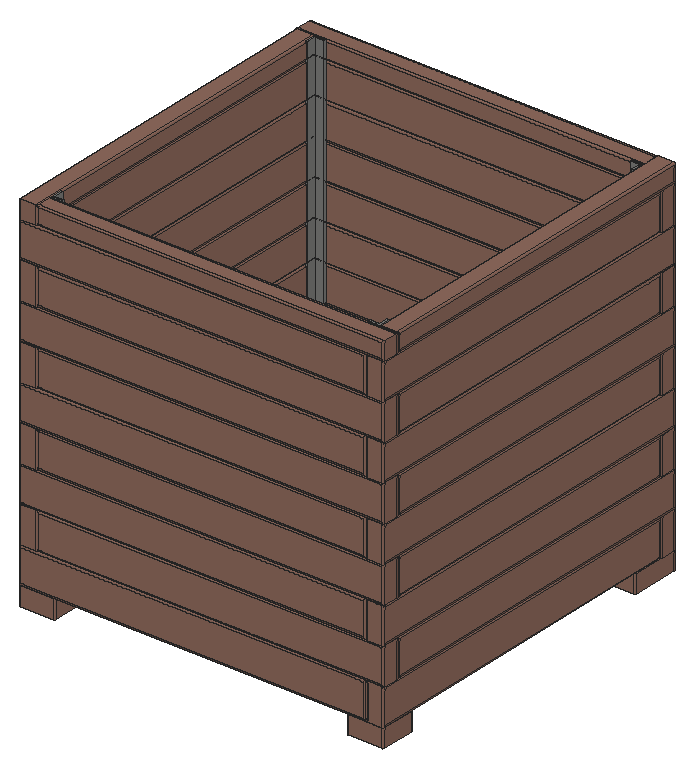
Revit family "Jardinera Madera", category Furniture, Revit 2020
Family settings
  OmniClass Number = 23.40.20.00
  OmniClass Title = General Furniture and Specialties
  Work Plane-Based = No
  Always vertical = Yes
  Cut with Voids When Loaded = No
  Shared = No
  Room Calculation Point = No
Parameters (values of type "Jardinera Madera-UM1640-6-1000mm")
  URL_Producto = "https://www.benito.com/es/mobiliario-urbano/jardineras/madera--UM1640-6.html"
  Type Comments = "n/a"
  Referencia = "UM1640-6"
  Material = Madera de pino
  Jardinera Madera-UM1640-6-1000mm = yes
  Jardinera Madera-UM1640-5-600mm = no
  Jardinera Madera-UM1640-4-1000mm = no
  Jardinera Madera-UM1640-2-1000mm = no
  Jardinera Madera-UM1640-1-1800mm = no
  H = 1.000 m
  Ficha_Tecnica = "https://www.benito.com/es/download/data-sheet-UM1640-6"
  Fabricante = "BENITO URBAN SL"
  Description = "Tablones de madera de pino con tratamiento autoclave a vacio-presión clase 4 contra la carcoma, termitas e insectos"
  Default Elevation = 0.000 m
  B = 1.000 m
  A = 1.000 m
Reference planes (m)
  plane 1 "Center (Front/Back)": y = 0
  plane 2: z = 0
  plane 3 "Center (Left/Right)": x = 0
Dimensions and locks (m)
  aligned and locked: level to plane 2
Nested families (m)
  nested 1: "Jardinera Madera-UM1640-1-1800mm" at (0, 0, 0), visible <- "Jardinera Madera-UM1640-1-1800mm", type "Jardinera Madera-UM1640-1-1800mm"
  nested 2: "Jardinera Madera-UM1640-2-1000mm" at (0, 0, 0), visible <- "Jardinera Madera-UM1640-2-1000mm", type "Jardinera Madera-UM1640-2-1000mm"
  nested 3: "Jardinera Madera-UM1640-4-1000mm" at (0, 0, 0), visible <- "Jardinera Madera-UM1640-4-1000mm", type "Jardinera Madera-UM1640-4-1000mm"
  nested 4: "Jardinera Madera-UM1640-5-600mm" at (0, 0, 0), visible <- "Jardinera Madera-UM1640-5-600mm", type "Jardinera Madera-UM1640-5-600mm"
  nested 5: "Jardinera Madera-UM1640-6-1000mm" at (0, 0, 0), visible <- "Jardinera Madera-UM1640-6-1000mm", type "Jardinera Madera-UM1640-6-1000mm"
Definition of nested family "Jardinera Madera-UM1640-1-1800mm"
  Parameters
    Default Elevation = 0.000 m
  Reference planes (m)
    plane 1 "Center (Front/Back)": y = 0
    plane 2: z = 0
    plane 3 "Center (Left/Right)": x = 0
    plane 4: z = 0.05
    plane 5: z = 0.15
    plane 6: z = 0.45007
    plane 7: x = -0.899929
    plane 8: x = 0.899929
    plane 9: y = 0.3
    plane 10: y = -0.3
  Forms (m)
    Extrusion 1, solid
      sketch origin (0, 0, 0) x (1, 0, 0) y (0, 0, 1)
        loop
          arc (-0.895, 0.15) -> (-0.898536, 0.148536) -> (-0.9, 0.145) r 0.005
          line (-0.9, 0.145) -> (-0.9, 0.055)
          arc (-0.9, 0.055) -> (-0.898536, 0.051464) -> (-0.895, 0.05) r 0.005
          line (-0.895, 0.05) -> (-0.855, 0.05)
          arc (-0.855, 0.05) -> (-0.851464, 0.051464) -> (-0.85, 0.055) r 0.005
          line (-0.85, 0.055) -> (-0.85, 0.145)
          arc (-0.85, 0.145) -> (-0.851464, 0.148536) -> (-0.855, 0.15) r 0.005
          line (-0.855, 0.15) -> (-0.895, 0.15)
      from -0.3 to 0.25
    Extrusion 2, solid
      sketch origin (-0.6, -0.6, 0) x (0, -1, 0) y (0, 0, 1)
        loop
          arc (-0.895, 0.15) -> (-0.898536, 0.148536) -> (-0.9, 0.145) r 0.005
          line (-0.9, 0.145) -> (-0.9, 0.055)
          arc (-0.9, 0.055) -> (-0.898536, 0.051464) -> (-0.895, 0.05) r 0.005
          line (-0.895, 0.05) -> (-0.855, 0.05)
          arc (-0.855, 0.05) -> (-0.851464, 0.051464) -> (-0.85, 0.055) r 0.005
          line (-0.85, 0.055) -> (-0.85, 0.145)
          arc (-0.85, 0.145) -> (-0.851464, 0.148536) -> (-0.855, 0.15) r 0.005
          line (-0.855, 0.15) -> (-0.895, 0.15)
      from -1.5 to 0.25
    Extrusion 3, void
      sketch origin (0, 0, 0) x (1, 0, 0) y (0, 1, 0)
        loop
          arc (-0.85, 0.295) -> (-0.848536, 0.298536) -> (-0.845, 0.3) r 0.005
          line (-0.845, 0.3) -> (-0.85, 0.3) -> (-0.85, 0.295)
        loop
          line (-0.85, 0.255) -> (-0.85, 0.25) -> (-0.845, 0.25)
          arc (-0.845, 0.25) -> (-0.848536, 0.251464) -> (-0.85, 0.255) r 0.005
      from 0.05 to 0.15
    Extrusion 4, void
      sketch origin (0.05, 0, 0) x (-1, 0, 0) y (0, -1, 0)
        loop
          line (-0.85, -0.295) -> (-0.85, -0.3) -> (-0.845, -0.3)
          arc (-0.845, -0.3) -> (-0.848536, -0.298536) -> (-0.85, -0.295) r 0.005
        loop
          arc (-0.85, -0.255) -> (-0.848536, -0.251464) -> (-0.845, -0.25) r 0.005
          line (-0.845, -0.25) -> (-0.85, -0.25) -> (-0.85, -0.255)
      from 0.05 to 0.15
    Extrusion 5, void
      sketch origin (-1.15, -0.55, 0) x (0, -1, 0) y (1, 0, 0)
        loop
          arc (-0.85, 0.295) -> (-0.848536, 0.298536) -> (-0.845, 0.3) r 0.005
          line (-0.845, 0.3) -> (-0.85, 0.3) -> (-0.85, 0.295)
        loop
          line (-0.85, 0.255) -> (-0.85, 0.25) -> (-0.845, 0.25)
          arc (-0.845, 0.25) -> (-0.848536, 0.251464) -> (-0.85, 0.255) r 0.005
      from 0.05 to 0.15
    Extrusion 6, void
      sketch origin (-1.15, 0.6, 0) x (0, 1, 0) y (-1, 0, 0)
        loop
          line (-0.85, -0.295) -> (-0.85, -0.3) -> (-0.845, -0.3)
          arc (-0.845, -0.3) -> (-0.848536, -0.298536) -> (-0.85, -0.295) r 0.005
        loop
          arc (-0.85, -0.255) -> (-0.848536, -0.251464) -> (-0.845, -0.25) r 0.005
          line (-0.845, -0.25) -> (-0.85, -0.25) -> (-0.85, -0.255)
      from 0.05 to 0.15
    Extrusion 7, solid
      sketch origin (0, 0, 0) x (-1, 0, 0) y (0, 0, 1)
        loop
          arc (-0.895, 0.15) -> (-0.898536, 0.148536) -> (-0.9, 0.145) r 0.005
          line (-0.9, 0.145) -> (-0.9, 0.055)
          arc (-0.9, 0.055) -> (-0.898536, 0.051464) -> (-0.895, 0.05) r 0.005
          line (-0.895, 0.05) -> (-0.855, 0.05)
          arc (-0.855, 0.05) -> (-0.851464, 0.051464) -> (-0.85, 0.055) r 0.005
          line (-0.85, 0.055) -> (-0.85, 0.145)
          arc (-0.85, 0.145) -> (-0.851464, 0.148536) -> (-0.855, 0.15) r 0.005
          line (-0.855, 0.15) -> (-0.895, 0.15)
      from -0.3 to 0.25
    Extrusion 8, solid
      sketch origin (0.6, 0.6, 0) x (0, 1, 0) y (0, 0, 1)
        loop
          arc (-0.895, 0.15) -> (-0.898536, 0.148536) -> (-0.9, 0.145) r 0.005
          line (-0.9, 0.145) -> (-0.9, 0.055)
          arc (-0.9, 0.055) -> (-0.898536, 0.051464) -> (-0.895, 0.05) r 0.005
          line (-0.895, 0.05) -> (-0.855, 0.05)
          arc (-0.855, 0.05) -> (-0.851464, 0.051464) -> (-0.85, 0.055) r 0.005
          line (-0.85, 0.055) -> (-0.85, 0.145)
          arc (-0.85, 0.145) -> (-0.851464, 0.148536) -> (-0.855, 0.15) r 0.005
          line (-0.855, 0.15) -> (-0.895, 0.15)
      from -1.5 to 0.25
    Extrusion 9, void
      sketch origin (0, 0, 0) x (-1, 0, 0) y (0, -1, 0)
        loop
          arc (-0.85, 0.295) -> (-0.848536, 0.298536) -> (-0.845, 0.3) r 0.005
          line (-0.845, 0.3) -> (-0.85, 0.3) -> (-0.85, 0.295)
        loop
          line (-0.85, 0.255) -> (-0.85, 0.25) -> (-0.845, 0.25)
          arc (-0.845, 0.25) -> (-0.848536, 0.251464) -> (-0.85, 0.255) r 0.005
      from 0.05 to 0.15
    Extrusion 10, void
      sketch origin (-0.05, 0, 0) x (1, 0, 0) y (0, 1, 0)
        loop
          line (-0.85, -0.295) -> (-0.85, -0.3) -> (-0.845, -0.3)
          arc (-0.845, -0.3) -> (-0.848536, -0.298536) -> (-0.85, -0.295) r 0.005
        loop
          arc (-0.85, -0.255) -> (-0.848536, -0.251464) -> (-0.845, -0.25) r 0.005
          line (-0.845, -0.25) -> (-0.85, -0.25) -> (-0.85, -0.255)
      from 0.05 to 0.15
    Extrusion 11, void
      sketch origin (1.15, 0.55, 0) x (0, 1, 0) y (-1, 0, 0)
        loop
          arc (-0.85, 0.295) -> (-0.848536, 0.298536) -> (-0.845, 0.3) r 0.005
          line (-0.845, 0.3) -> (-0.85, 0.3) -> (-0.85, 0.295)
        loop
          line (-0.85, 0.255) -> (-0.85, 0.25) -> (-0.845, 0.25)
          arc (-0.845, 0.25) -> (-0.848536, 0.251464) -> (-0.85, 0.255) r 0.005
      from 0.05 to 0.15
    Extrusion 12, void
      sketch origin (1.15, -0.6, 0) x (0, -1, 0) y (1, 0, 0)
        loop
          line (-0.85, -0.295) -> (-0.85, -0.3) -> (-0.845, -0.3)
          arc (-0.845, -0.3) -> (-0.848536, -0.298536) -> (-0.85, -0.295) r 0.005
        loop
          arc (-0.85, -0.255) -> (-0.848536, -0.251464) -> (-0.845, -0.25) r 0.005
          line (-0.845, -0.25) -> (-0.85, -0.25) -> (-0.85, -0.255)
      from 0.05 to 0.15
    Extrusion 13, solid
      sketch origin (0.649929, 0.6, 0.10007) x (0, 1, 0) y (0, 0, 1)
        loop
          arc (-0.895, 0.15) -> (-0.898536, 0.148536) -> (-0.9, 0.145) r 0.005
          line (-0.9, 0.145) -> (-0.9, 0.055)
          arc (-0.9, 0.055) -> (-0.898536, 0.051464) -> (-0.895, 0.05) r 0.005
          line (-0.895, 0.05) -> (-0.855, 0.05)
          arc (-0.855, 0.05) -> (-0.851464, 0.051464) -> (-0.85, 0.055) r 0.005
          line (-0.85, 0.055) -> (-0.85, 0.145)
          arc (-0.85, 0.145) -> (-0.851464, 0.148536) -> (-0.855, 0.15) r 0.005
          line (-0.855, 0.15) -> (-0.895, 0.15)
      from -1.5 to 0.25
    Extrusion 14, void
      sketch origin (0.049929, 0, 0.10007) x (-1, 0, 0) y (0, -1, 0)
        loop
          arc (-0.85, 0.295) -> (-0.848536, 0.298536) -> (-0.845, 0.3) r 0.005
          line (-0.845, 0.3) -> (-0.85, 0.3) -> (-0.85, 0.295)
        loop
          line (-0.85, 0.255) -> (-0.85, 0.25) -> (-0.845, 0.25)
          arc (-0.845, 0.25) -> (-0.848536, 0.251464) -> (-0.85, 0.255) r 0.005
      from 0.05 to 0.15
    Extrusion 15, void
      sketch origin (-0.000071, 0, 0.10007) x (1, 0, 0) y (0, 1, 0)
        loop
          line (-0.85, -0.295) -> (-0.85, -0.3) -> (-0.845, -0.3)
          arc (-0.845, -0.3) -> (-0.848536, -0.298536) -> (-0.85, -0.295) r 0.005
        loop
          arc (-0.85, -0.255) -> (-0.848536, -0.251464) -> (-0.845, -0.25) r 0.005
          line (-0.845, -0.25) -> (-0.85, -0.25) -> (-0.85, -0.255)
      from 0.05 to 0.15
    Extrusion 16, solid
      sketch origin (0, -0.049929, 0.10007) x (1, 0, 0) y (0, 0, 1)
        loop
          arc (-0.895, 0.15) -> (-0.898536, 0.148536) -> (-0.9, 0.145) r 0.005
          line (-0.9, 0.145) -> (-0.9, 0.055)
          arc (-0.9, 0.055) -> (-0.898536, 0.051464) -> (-0.895, 0.05) r 0.005
          line (-0.895, 0.05) -> (-0.855, 0.05)
          arc (-0.855, 0.05) -> (-0.851464, 0.051464) -> (-0.85, 0.055) r 0.005
          line (-0.85, 0.055) -> (-0.85, 0.145)
          arc (-0.85, 0.145) -> (-0.851464, 0.148536) -> (-0.855, 0.15) r 0.005
          line (-0.855, 0.15) -> (-0.895, 0.15)
      from -0.3 to 0.25
    Extrusion 17, void
      sketch origin (-1.15, -0.599929, 0.10007) x (0, -1, 0) y (1, 0, 0)
        loop
          arc (-0.85, 0.295) -> (-0.848536, 0.298536) -> (-0.845, 0.3) r 0.005
          line (-0.845, 0.3) -> (-0.85, 0.3) -> (-0.85, 0.295)
        loop
          line (-0.85, 0.255) -> (-0.85, 0.25) -> (-0.845, 0.25)
          arc (-0.845, 0.25) -> (-0.848536, 0.251464) -> (-0.85, 0.255) r 0.005
      from 0.05 to 0.15
    Extrusion 18, void
      sketch origin (-1.15, 0.550071, 0.10007) x (0, 1, 0) y (-1, 0, 0)
        loop
          line (-0.85, -0.295) -> (-0.85, -0.3) -> (-0.845, -0.3)
          arc (-0.845, -0.3) -> (-0.848536, -0.298536) -> (-0.85, -0.295) r 0.005
        loop
          arc (-0.85, -0.255) -> (-0.848536, -0.251464) -> (-0.845, -0.25) r 0.005
          line (-0.845, -0.25) -> (-0.85, -0.25) -> (-0.85, -0.255)
      from 0.05 to 0.15
    Extrusion 19, solid
      sketch origin (-0.649929, -0.6, 0.10007) x (0, -1, 0) y (0, 0, 1)
        loop
          arc (-0.895, 0.15) -> (-0.898536, 0.148536) -> (-0.9, 0.145) r 0.005
          line (-0.9, 0.145) -> (-0.9, 0.055)
          arc (-0.9, 0.055) -> (-0.898536, 0.051464) -> (-0.895, 0.05) r 0.005
          line (-0.895, 0.05) -> (-0.855, 0.05)
          arc (-0.855, 0.05) -> (-0.851464, 0.051464) -> (-0.85, 0.055) r 0.005
          line (-0.85, 0.055) -> (-0.85, 0.145)
          arc (-0.85, 0.145) -> (-0.851464, 0.148536) -> (-0.855, 0.15) r 0.005
          line (-0.855, 0.15) -> (-0.895, 0.15)
      from -1.5 to 0.25
    Extrusion 20, void
      sketch origin (-0.049929, 0, 0.10007) x (1, 0, 0) y (0, 1, 0)
        loop
          arc (-0.85, 0.295) -> (-0.848536, 0.298536) -> (-0.845, 0.3) r 0.005
          line (-0.845, 0.3) -> (-0.85, 0.3) -> (-0.85, 0.295)
        loop
          line (-0.85, 0.255) -> (-0.85, 0.25) -> (-0.845, 0.25)
          arc (-0.845, 0.25) -> (-0.848536, 0.251464) -> (-0.85, 0.255) r 0.005
      from 0.05 to 0.15
    Extrusion 21, void
      sketch origin (0.000071, 0, 0.10007) x (-1, 0, 0) y (0, -1, 0)
        loop
          line (-0.85, -0.295) -> (-0.85, -0.3) -> (-0.845, -0.3)
          arc (-0.845, -0.3) -> (-0.848536, -0.298536) -> (-0.85, -0.295) r 0.005
        loop
          arc (-0.85, -0.255) -> (-0.848536, -0.251464) -> (-0.845, -0.25) r 0.005
          line (-0.845, -0.25) -> (-0.85, -0.25) -> (-0.85, -0.255)
      from 0.05 to 0.15
    Extrusion 22, solid
      sketch origin (0, 0.05, 0.1) x (-1, 0, 0) y (0, 0, 1)
        loop
          arc (-0.895, 0.15) -> (-0.898536, 0.148536) -> (-0.9, 0.145) r 0.005
          line (-0.9, 0.145) -> (-0.9, 0.055)
          arc (-0.9, 0.055) -> (-0.898536, 0.051464) -> (-0.895, 0.05) r 0.005
          line (-0.895, 0.05) -> (-0.855, 0.05)
          arc (-0.855, 0.05) -> (-0.851464, 0.051464) -> (-0.85, 0.055) r 0.005
          line (-0.85, 0.055) -> (-0.85, 0.145)
          arc (-0.85, 0.145) -> (-0.851464, 0.148536) -> (-0.855, 0.15) r 0.005
          line (-0.855, 0.15) -> (-0.895, 0.15)
      from -0.3 to 0.25
    Extrusion 23, void
      sketch origin (1.15, 0.6, 0.1) x (0, 1, 0) y (-1, 0, 0)
        loop
          arc (-0.85, 0.295) -> (-0.848536, 0.298536) -> (-0.845, 0.3) r 0.005
          line (-0.845, 0.3) -> (-0.85, 0.3) -> (-0.85, 0.295)
        loop
          line (-0.85, 0.255) -> (-0.85, 0.25) -> (-0.845, 0.25)
          arc (-0.845, 0.25) -> (-0.848536, 0.251464) -> (-0.85, 0.255) r 0.005
      from 0.05 to 0.15
    Extrusion 24, void
      sketch origin (1.15, -0.55, 0.1) x (0, -1, 0) y (1, 0, 0)
        loop
          line (-0.85, -0.295) -> (-0.85, -0.3) -> (-0.845, -0.3)
          arc (-0.845, -0.3) -> (-0.848536, -0.298536) -> (-0.85, -0.295) r 0.005
        loop
          arc (-0.85, -0.255) -> (-0.848536, -0.251464) -> (-0.845, -0.25) r 0.005
          line (-0.845, -0.25) -> (-0.85, -0.25) -> (-0.85, -0.255)
      from 0.05 to 0.15
    Extrusion 25, solid
      sketch origin (0, 0, 0.2) x (1, 0, 0) y (0, 0, 1)
        loop
          arc (-0.895, 0.15) -> (-0.898536, 0.148536) -> (-0.9, 0.145) r 0.005
          line (-0.9, 0.145) -> (-0.9, 0.055)
          arc (-0.9, 0.055) -> (-0.898536, 0.051464) -> (-0.895, 0.05) r 0.005
          line (-0.895, 0.05) -> (-0.855, 0.05)
          arc (-0.855, 0.05) -> (-0.851464, 0.051464) -> (-0.85, 0.055) r 0.005
          line (-0.85, 0.055) -> (-0.85, 0.145)
          arc (-0.85, 0.145) -> (-0.851464, 0.148536) -> (-0.855, 0.15) r 0.005
          line (-0.855, 0.15) -> (-0.895, 0.15)
      from -0.3 to 0.25
    Extrusion 26, solid
      sketch origin (-0.6, -0.6, 0.2) x (0, -1, 0) y (0, 0, 1)
        loop
          arc (-0.895, 0.15) -> (-0.898536, 0.148536) -> (-0.9, 0.145) r 0.005
          line (-0.9, 0.145) -> (-0.9, 0.055)
          arc (-0.9, 0.055) -> (-0.898536, 0.051464) -> (-0.895, 0.05) r 0.005
          line (-0.895, 0.05) -> (-0.855, 0.05)
          arc (-0.855, 0.05) -> (-0.851464, 0.051464) -> (-0.85, 0.055) r 0.005
          line (-0.85, 0.055) -> (-0.85, 0.145)
          arc (-0.85, 0.145) -> (-0.851464, 0.148536) -> (-0.855, 0.15) r 0.005
          line (-0.855, 0.15) -> (-0.895, 0.15)
      from -1.5 to 0.25
    Extrusion 27, void
      sketch origin (0, 0, 0.2) x (1, 0, 0) y (0, 1, 0)
        loop
          arc (-0.85, 0.295) -> (-0.848536, 0.298536) -> (-0.845, 0.3) r 0.005
          line (-0.845, 0.3) -> (-0.85, 0.3) -> (-0.85, 0.295)
        loop
          line (-0.85, 0.255) -> (-0.85, 0.25) -> (-0.845, 0.25)
          arc (-0.845, 0.25) -> (-0.848536, 0.251464) -> (-0.85, 0.255) r 0.005
      from 0.05 to 0.15
    Extrusion 28, void
      sketch origin (0.05, 0, 0.2) x (-1, 0, 0) y (0, -1, 0)
        loop
          line (-0.85, -0.295) -> (-0.85, -0.3) -> (-0.845, -0.3)
          arc (-0.845, -0.3) -> (-0.848536, -0.298536) -> (-0.85, -0.295) r 0.005
        loop
          arc (-0.85, -0.255) -> (-0.848536, -0.251464) -> (-0.845, -0.25) r 0.005
          line (-0.845, -0.25) -> (-0.85, -0.25) -> (-0.85, -0.255)
      from 0.05 to 0.15
    Extrusion 29, void
      sketch origin (-1.15, -0.55, 0.2) x (0, -1, 0) y (1, 0, 0)
        loop
          arc (-0.85, 0.295) -> (-0.848536, 0.298536) -> (-0.845, 0.3) r 0.005
          line (-0.845, 0.3) -> (-0.85, 0.3) -> (-0.85, 0.295)
        loop
          line (-0.85, 0.255) -> (-0.85, 0.25) -> (-0.845, 0.25)
          arc (-0.845, 0.25) -> (-0.848536, 0.251464) -> (-0.85, 0.255) r 0.005
      from 0.05 to 0.15
    Extrusion 30, void
      sketch origin (-1.15, 0.6, 0.2) x (0, 1, 0) y (-1, 0, 0)
        loop
          line (-0.85, -0.295) -> (-0.85, -0.3) -> (-0.845, -0.3)
          arc (-0.845, -0.3) -> (-0.848536, -0.298536) -> (-0.85, -0.295) r 0.005
        loop
          arc (-0.85, -0.255) -> (-0.848536, -0.251464) -> (-0.845, -0.25) r 0.005
          line (-0.845, -0.25) -> (-0.85, -0.25) -> (-0.85, -0.255)
      from 0.05 to 0.15
    Extrusion 31, solid
      sketch origin (0, 0, 0.2) x (-1, 0, 0) y (0, 0, 1)
        loop
          arc (-0.895, 0.15) -> (-0.898536, 0.148536) -> (-0.9, 0.145) r 0.005
          line (-0.9, 0.145) -> (-0.9, 0.055)
          arc (-0.9, 0.055) -> (-0.898536, 0.051464) -> (-0.895, 0.05) r 0.005
          line (-0.895, 0.05) -> (-0.855, 0.05)
          arc (-0.855, 0.05) -> (-0.851464, 0.051464) -> (-0.85, 0.055) r 0.005
          line (-0.85, 0.055) -> (-0.85, 0.145)
          arc (-0.85, 0.145) -> (-0.851464, 0.148536) -> (-0.855, 0.15) r 0.005
          line (-0.855, 0.15) -> (-0.895, 0.15)
      from -0.3 to 0.25
    Extrusion 32, solid
      sketch origin (0.6, 0.6, 0.2) x (0, 1, 0) y (0, 0, 1)
        loop
          arc (-0.895, 0.15) -> (-0.898536, 0.148536) -> (-0.9, 0.145) r 0.005
          line (-0.9, 0.145) -> (-0.9, 0.055)
          arc (-0.9, 0.055) -> (-0.898536, 0.051464) -> (-0.895, 0.05) r 0.005
          line (-0.895, 0.05) -> (-0.855, 0.05)
          arc (-0.855, 0.05) -> (-0.851464, 0.051464) -> (-0.85, 0.055) r 0.005
          line (-0.85, 0.055) -> (-0.85, 0.145)
          arc (-0.85, 0.145) -> (-0.851464, 0.148536) -> (-0.855, 0.15) r 0.005
          line (-0.855, 0.15) -> (-0.895, 0.15)
      from -1.5 to 0.25
    Extrusion 33, void
      sketch origin (0, 0, 0.2) x (-1, 0, 0) y (0, -1, 0)
        loop
          arc (-0.85, 0.295) -> (-0.848536, 0.298536) -> (-0.845, 0.3) r 0.005
          line (-0.845, 0.3) -> (-0.85, 0.3) -> (-0.85, 0.295)
        loop
          line (-0.85, 0.255) -> (-0.85, 0.25) -> (-0.845, 0.25)
          arc (-0.845, 0.25) -> (-0.848536, 0.251464) -> (-0.85, 0.255) r 0.005
      from 0.05 to 0.15
    Extrusion 34, void
      sketch origin (-0.05, 0, 0.2) x (1, 0, 0) y (0, 1, 0)
        loop
          line (-0.85, -0.295) -> (-0.85, -0.3) -> (-0.845, -0.3)
          arc (-0.845, -0.3) -> (-0.848536, -0.298536) -> (-0.85, -0.295) r 0.005
        loop
          arc (-0.85, -0.255) -> (-0.848536, -0.251464) -> (-0.845, -0.25) r 0.005
          line (-0.845, -0.25) -> (-0.85, -0.25) -> (-0.85, -0.255)
      from 0.05 to 0.15
    Extrusion 35, void
      sketch origin (1.15, 0.55, 0.2) x (0, 1, 0) y (-1, 0, 0)
        loop
          arc (-0.85, 0.295) -> (-0.848536, 0.298536) -> (-0.845, 0.3) r 0.005
          line (-0.845, 0.3) -> (-0.85, 0.3) -> (-0.85, 0.295)
        loop
          line (-0.85, 0.255) -> (-0.85, 0.25) -> (-0.845, 0.25)
          arc (-0.845, 0.25) -> (-0.848536, 0.251464) -> (-0.85, 0.255) r 0.005
      from 0.05 to 0.15
    Extrusion 36, void
      sketch origin (1.15, -0.6, 0.2) x (0, -1, 0) y (1, 0, 0)
        loop
          line (-0.85, -0.295) -> (-0.85, -0.3) -> (-0.845, -0.3)
          arc (-0.845, -0.3) -> (-0.848536, -0.298536) -> (-0.85, -0.295) r 0.005
        loop
          arc (-0.85, -0.255) -> (-0.848536, -0.251464) -> (-0.845, -0.25) r 0.005
          line (-0.845, -0.25) -> (-0.85, -0.25) -> (-0.85, -0.255)
      from 0.05 to 0.15
    Extrusion 37, solid
      sketch origin (0.649929, 0.6, 0.30007) x (0, 1, 0) y (0, 0, 1)
        loop
          arc (-0.895, 0.15) -> (-0.898536, 0.148536) -> (-0.9, 0.145) r 0.005
          line (-0.9, 0.145) -> (-0.9, 0.055)
          arc (-0.9, 0.055) -> (-0.898536, 0.051464) -> (-0.895, 0.05) r 0.005
          line (-0.895, 0.05) -> (-0.855, 0.05)
          arc (-0.855, 0.05) -> (-0.851464, 0.051464) -> (-0.85, 0.055) r 0.005
          line (-0.85, 0.055) -> (-0.85, 0.145)
          arc (-0.85, 0.145) -> (-0.851464, 0.148536) -> (-0.855, 0.15) r 0.005
          line (-0.855, 0.15) -> (-0.895, 0.15)
      from -1.5 to 0.25
    Extrusion 38, void
      sketch origin (0.049929, 0, 0.30007) x (-1, 0, 0) y (0, -1, 0)
        loop
          arc (-0.85, 0.295) -> (-0.848536, 0.298536) -> (-0.845, 0.3) r 0.005
          line (-0.845, 0.3) -> (-0.85, 0.3) -> (-0.85, 0.295)
        loop
          line (-0.85, 0.255) -> (-0.85, 0.25) -> (-0.845, 0.25)
          arc (-0.845, 0.25) -> (-0.848536, 0.251464) -> (-0.85, 0.255) r 0.005
      from 0.05 to 0.15
    Extrusion 39, void
      sketch origin (-0.000071, 0, 0.30007) x (1, 0, 0) y (0, 1, 0)
        loop
          line (-0.85, -0.295) -> (-0.85, -0.3) -> (-0.845, -0.3)
          arc (-0.845, -0.3) -> (-0.848536, -0.298536) -> (-0.85, -0.295) r 0.005
        loop
          arc (-0.85, -0.255) -> (-0.848536, -0.251464) -> (-0.845, -0.25) r 0.005
          line (-0.845, -0.25) -> (-0.85, -0.25) -> (-0.85, -0.255)
      from 0.05 to 0.15
    Extrusion 40, solid
      sketch origin (0, -0.049929, 0.30007) x (1, 0, 0) y (0, 0, 1)
        loop
          arc (-0.895, 0.15) -> (-0.898536, 0.148536) -> (-0.9, 0.145) r 0.005
          line (-0.9, 0.145) -> (-0.9, 0.055)
          arc (-0.9, 0.055) -> (-0.898536, 0.051464) -> (-0.895, 0.05) r 0.005
          line (-0.895, 0.05) -> (-0.855, 0.05)
          arc (-0.855, 0.05) -> (-0.851464, 0.051464) -> (-0.85, 0.055) r 0.005
          line (-0.85, 0.055) -> (-0.85, 0.145)
          arc (-0.85, 0.145) -> (-0.851464, 0.148536) -> (-0.855, 0.15) r 0.005
          line (-0.855, 0.15) -> (-0.895, 0.15)
      from -0.3 to 0.25
    Extrusion 41, void
      sketch origin (-1.15, -0.599929, 0.30007) x (0, -1, 0) y (1, 0, 0)
        loop
          arc (-0.85, 0.295) -> (-0.848536, 0.298536) -> (-0.845, 0.3) r 0.005
          line (-0.845, 0.3) -> (-0.85, 0.3) -> (-0.85, 0.295)
        loop
          line (-0.85, 0.255) -> (-0.85, 0.25) -> (-0.845, 0.25)
          arc (-0.845, 0.25) -> (-0.848536, 0.251464) -> (-0.85, 0.255) r 0.005
      from 0.05 to 0.15
    Extrusion 42, void
      sketch origin (-1.15, 0.550071, 0.30007) x (0, 1, 0) y (-1, 0, 0)
        loop
          line (-0.85, -0.295) -> (-0.85, -0.3) -> (-0.845, -0.3)
          arc (-0.845, -0.3) -> (-0.848536, -0.298536) -> (-0.85, -0.295) r 0.005
        loop
          arc (-0.85, -0.255) -> (-0.848536, -0.251464) -> (-0.845, -0.25) r 0.005
          line (-0.845, -0.25) -> (-0.85, -0.25) -> (-0.85, -0.255)
      from 0.05 to 0.15
    Extrusion 43, solid
      sketch origin (-0.649929, -0.6, 0.30007) x (0, -1, 0) y (0, 0, 1)
        loop
          arc (-0.895, 0.15) -> (-0.898536, 0.148536) -> (-0.9, 0.145) r 0.005
          line (-0.9, 0.145) -> (-0.9, 0.055)
          arc (-0.9, 0.055) -> (-0.898536, 0.051464) -> (-0.895, 0.05) r 0.005
          line (-0.895, 0.05) -> (-0.855, 0.05)
          arc (-0.855, 0.05) -> (-0.851464, 0.051464) -> (-0.85, 0.055) r 0.005
          line (-0.85, 0.055) -> (-0.85, 0.145)
          arc (-0.85, 0.145) -> (-0.851464, 0.148536) -> (-0.855, 0.15) r 0.005
          line (-0.855, 0.15) -> (-0.895, 0.15)
      from -1.5 to 0.25
    Extrusion 44, void
      sketch origin (-0.049929, 0, 0.30007) x (1, 0, 0) y (0, 1, 0)
        loop
          arc (-0.85, 0.295) -> (-0.848536, 0.298536) -> (-0.845, 0.3) r 0.005
          line (-0.845, 0.3) -> (-0.85, 0.3) -> (-0.85, 0.295)
        loop
          line (-0.85, 0.255) -> (-0.85, 0.25) -> (-0.845, 0.25)
          arc (-0.845, 0.25) -> (-0.848536, 0.251464) -> (-0.85, 0.255) r 0.005
      from 0.05 to 0.15
    Extrusion 45, void
      sketch origin (0.000071, 0, 0.30007) x (-1, 0, 0) y (0, -1, 0)
        loop
          line (-0.85, -0.295) -> (-0.85, -0.3) -> (-0.845, -0.3)
          arc (-0.845, -0.3) -> (-0.848536, -0.298536) -> (-0.85, -0.295) r 0.005
        loop
          arc (-0.85, -0.255) -> (-0.848536, -0.251464) -> (-0.845, -0.25) r 0.005
          line (-0.845, -0.25) -> (-0.85, -0.25) -> (-0.85, -0.255)
      from 0.05 to 0.15
    Extrusion 46, solid
      sketch origin (0, 0.05, 0.3) x (-1, 0, 0) y (0, 0, 1)
        loop
          arc (-0.895, 0.15) -> (-0.898536, 0.148536) -> (-0.9, 0.145) r 0.005
          line (-0.9, 0.145) -> (-0.9, 0.055)
          arc (-0.9, 0.055) -> (-0.898536, 0.051464) -> (-0.895, 0.05) r 0.005
          line (-0.895, 0.05) -> (-0.855, 0.05)
          arc (-0.855, 0.05) -> (-0.851464, 0.051464) -> (-0.85, 0.055) r 0.005
          line (-0.85, 0.055) -> (-0.85, 0.145)
          arc (-0.85, 0.145) -> (-0.851464, 0.148536) -> (-0.855, 0.15) r 0.005
          line (-0.855, 0.15) -> (-0.895, 0.15)
      from -0.3 to 0.25
    Extrusion 47, void
      sketch origin (1.15, 0.6, 0.3) x (0, 1, 0) y (-1, 0, 0)
        loop
          arc (-0.85, 0.295) -> (-0.848536, 0.298536) -> (-0.845, 0.3) r 0.005
          line (-0.845, 0.3) -> (-0.85, 0.3) -> (-0.85, 0.295)
        loop
          line (-0.85, 0.255) -> (-0.85, 0.25) -> (-0.845, 0.25)
          arc (-0.845, 0.25) -> (-0.848536, 0.251464) -> (-0.85, 0.255) r 0.005
      from 0.05 to 0.15
    Extrusion 48, void
      sketch origin (1.15, -0.55, 0.3) x (0, -1, 0) y (1, 0, 0)
        loop
          line (-0.85, -0.295) -> (-0.85, -0.3) -> (-0.845, -0.3)
          arc (-0.845, -0.3) -> (-0.848536, -0.298536) -> (-0.85, -0.295) r 0.005
        loop
          arc (-0.85, -0.255) -> (-0.848536, -0.251464) -> (-0.845, -0.25) r 0.005
          line (-0.845, -0.25) -> (-0.85, -0.25) -> (-0.85, -0.255)
      from 0.05 to 0.15
    Extrusion 49, solid
      sketch origin (0, 0, 0) x (1, 0, 0) y (0, 1, 0)
        loop
          line (-0.849929, 0.25) -> (-0.849929, 0.22) -> (-0.844929, 0.22) -> (-0.844929, 0.245) -> (-0.819929, 0.245) -> (-0.819929, 0.25) -> (-0.849929, 0.25)
      from 0.05 to 0.45007
    Extrusion 50, solid
      sketch origin (0, 0, 0) x (-1, 0, 0) y (0, -1, 0)
        loop
          line (-0.849929, -0.25) -> (-0.819929, -0.25) -> (-0.819929, -0.245) -> (-0.844929, -0.245) -> (-0.844929, -0.22) -> (-0.849929, -0.22) -> (-0.849929, -0.25)
      from 0.05 to 0.45007
    Extrusion 51, solid
      sketch origin (0, 0, 0) x (1, 0, 0) y (0, 1, 0)
        loop
          line (-0.849929, -0.25) -> (-0.819929, -0.25) -> (-0.819929, -0.245) -> (-0.844929, -0.245) -> (-0.844929, -0.22) -> (-0.849929, -0.22) -> (-0.849929, -0.25)
      from 0.05 to 0.45007
    Extrusion 52, solid
      sketch origin (0, 0, 0) x (-1, 0, 0) y (0, -1, 0)
        loop
          line (-0.849929, 0.25) -> (-0.849929, 0.22) -> (-0.844929, 0.22) -> (-0.844929, 0.245) -> (-0.819929, 0.245) -> (-0.819929, 0.25) -> (-0.849929, 0.25)
      from 0.05 to 0.45007
    Extrusion 53, solid
      sketch origin (0, 0, 0) x (1, 0, 0) y (0, 1, 0)
        loop
          line (-0.849929, 0.25) -> (-0.849929, 0.083333) -> (0.850071, 0.083333) -> (0.850071, 0.25) -> (-0.849929, 0.25)
      from 0.05 to 0.1
    Extrusion 54, solid
      sketch origin (0, 0, 0) x (1, 0, 0) y (0, 1, 0)
        loop
          line (-0.849929, -0.25) -> (0.850071, -0.25) -> (0.850071, -0.083333) -> (-0.849929, -0.083333) -> (-0.849929, -0.25)
      from 0.05 to 0.1
    Extrusion 55, solid
      sketch origin (0, 0.166667, 0) x (1, 0, 0) y (0, 1, 0)
        loop
          line (-0.849929, -0.25) -> (0.850071, -0.25) -> (0.850071, -0.083333) -> (-0.849929, -0.083333) -> (-0.849929, -0.25)
      from 0.05 to 0.1
    Extrusion 56, solid
      sketch origin (0, 0, 0) x (1, 0, 0) y (0, 1, 0)
        loop
          line (-0.804929, 0.3) -> (-0.894929, 0.3)
          arc (-0.894929, 0.3) -> (-0.898464, 0.298536) -> (-0.899929, 0.295) r 0.005
          line (-0.899929, 0.295) -> (-0.899929, 0.205)
          arc (-0.899929, 0.205) -> (-0.898464, 0.201464) -> (-0.894929, 0.2) r 0.005
          line (-0.894929, 0.2) -> (-0.804929, 0.2)
          arc (-0.804929, 0.2) -> (-0.801393, 0.201464) -> (-0.799929, 0.205) r 0.005
          line (-0.799929, 0.205) -> (-0.799929, 0.295)
          arc (-0.799929, 0.295) -> (-0.801393, 0.298536) -> (-0.804929, 0.3) r 0.005
      from 0 to 0.05
    Extrusion 57, solid
      sketch origin (0, 0, 0) x (-1, 0, 0) y (0, -1, 0)
        loop
          arc (-0.804929, -0.3) -> (-0.801393, -0.298536) -> (-0.799929, -0.295) r 0.005
          line (-0.799929, -0.295) -> (-0.799929, -0.205)
          arc (-0.799929, -0.205) -> (-0.801393, -0.201464) -> (-0.804929, -0.2) r 0.005
          line (-0.804929, -0.2) -> (-0.894929, -0.2)
          arc (-0.894929, -0.2) -> (-0.898464, -0.201464) -> (-0.899929, -0.205) r 0.005
          line (-0.899929, -0.205) -> (-0.899929, -0.295)
          arc (-0.899929, -0.295) -> (-0.898464, -0.298536) -> (-0.894929, -0.3) r 0.005
          line (-0.894929, -0.3) -> (-0.804929, -0.3)
      from 0 to 0.05
    Extrusion 58, solid
      sketch origin (0, 0, 0) x (1, 0, 0) y (0, 1, 0)
        loop
          arc (-0.804929, -0.3) -> (-0.801393, -0.298536) -> (-0.799929, -0.295) r 0.005
          line (-0.799929, -0.295) -> (-0.799929, -0.205)
          arc (-0.799929, -0.205) -> (-0.801393, -0.201464) -> (-0.804929, -0.2) r 0.005
          line (-0.804929, -0.2) -> (-0.894929, -0.2)
          arc (-0.894929, -0.2) -> (-0.898464, -0.201464) -> (-0.899929, -0.205) r 0.005
          line (-0.899929, -0.205) -> (-0.899929, -0.295)
          arc (-0.899929, -0.295) -> (-0.898464, -0.298536) -> (-0.894929, -0.3) r 0.005
          line (-0.894929, -0.3) -> (-0.804929, -0.3)
      from 0 to 0.05
    Extrusion 59, solid
      sketch origin (0, 0, 0) x (-1, 0, 0) y (0, -1, 0)
        loop
          line (-0.804929, 0.3) -> (-0.894929, 0.3)
          arc (-0.894929, 0.3) -> (-0.898464, 0.298536) -> (-0.899929, 0.295) r 0.005
          line (-0.899929, 0.295) -> (-0.899929, 0.205)
          arc (-0.899929, 0.205) -> (-0.898464, 0.201464) -> (-0.894929, 0.2) r 0.005
          line (-0.894929, 0.2) -> (-0.804929, 0.2)
          arc (-0.804929, 0.2) -> (-0.801393, 0.201464) -> (-0.799929, 0.205) r 0.005
          line (-0.799929, 0.205) -> (-0.799929, 0.295)
          arc (-0.799929, 0.295) -> (-0.801393, 0.298536) -> (-0.804929, 0.3) r 0.005
      from 0 to 0.05
  Cuts and joins
    Extrusion 3, Extrusion 5, Extrusion 6, Extrusion 9, Extrusion 11, Extrusion 12, Extrusion 17, Extrusion 18, Extrusion 20, Extrusion 27, Extrusion 29, Extrusion 30 cuts Extrusion 1
    Extrusion 3, Extrusion 4, Extrusion 9, Extrusion 10, Extrusion 20, Extrusion 21, Extrusion 24, Extrusion 27, Extrusion 28, Extrusion 36 cuts Extrusion 2
    Extrusion 9, Extrusion 11, Extrusion 12, Extrusion 14, Extrusion 23, Extrusion 24, Extrusion 33, Extrusion 35, Extrusion 36 cuts Extrusion 7
    Extrusion 9, Extrusion 10, Extrusion 14, Extrusion 15, Extrusion 18, Extrusion 30, Extrusion 33, Extrusion 34 cuts Extrusion 8
    Extrusion 14, Extrusion 15, Extrusion 38, Extrusion 39 cuts Extrusion 13
    Extrusion 17, Extrusion 18, Extrusion 39, Extrusion 41, Extrusion 42 cuts Extrusion 16
    Extrusion 20, Extrusion 21, Extrusion 41, Extrusion 44, Extrusion 45 cuts Extrusion 19
    Extrusion 23, Extrusion 24, Extrusion 45, Extrusion 47, Extrusion 48 cuts Extrusion 22
    Extrusion 27, Extrusion 29, Extrusion 30, Extrusion 41, Extrusion 44 cuts Extrusion 25
    Extrusion 27, Extrusion 28, Extrusion 45 cuts Extrusion 26
    Extrusion 28, Extrusion 35, Extrusion 36, Extrusion 38 cuts Extrusion 31
    Extrusion 30, Extrusion 33, Extrusion 34, Extrusion 39, Extrusion 42 cuts Extrusion 32
    Extrusion 38, Extrusion 39 cuts Extrusion 37
    Extrusion 44, Extrusion 45 cuts Extrusion 43
    Extrusion 47, Extrusion 48 cuts Extrusion 46
    Extrusion 41, Extrusion 42 cuts Extrusion 40
  Dimensions and locks (m)
    plane 6 to level = 0.45007 m
    plane 7 to plane 8 = 1.799858 m
    plane 9 to plane 10 = 0.600 m
    aligned and locked: level to plane 2
Definition of nested family "Jardinera Madera-UM1640-2-1000mm"
  Parameters
    Default Elevation = 0.000 m
  Reference planes (m)
    plane 1 "Center (Front/Back)": y = 0
    plane 2: z = 0
    plane 3 "Center (Left/Right)": x = 0
    plane 4: z = 0.05
    plane 5: z = 0.15
    plane 6: z = 0.45
    plane 7: y = 0.25
    plane 8: y = -0.25
    plane 9: y = -0.25
    plane 10: x = 0.499929
    plane 11: x = -0.499929
  Forms (m)
    Extrusion 1, solid
      sketch origin (0.4, 0.05, 0) x (1, 0, 0) y (0, 0, 1)
        loop
          arc (-0.895, 0.15) -> (-0.898536, 0.148536) -> (-0.9, 0.145) r 0.005
          line (-0.9, 0.145) -> (-0.9, 0.055)
          arc (-0.9, 0.055) -> (-0.898536, 0.051464) -> (-0.895, 0.05) r 0.005
          line (-0.895, 0.05) -> (-0.855, 0.05)
          arc (-0.855, 0.05) -> (-0.851464, 0.051464) -> (-0.85, 0.055) r 0.005
          line (-0.85, 0.055) -> (-0.85, 0.145)
          arc (-0.85, 0.145) -> (-0.851464, 0.148536) -> (-0.855, 0.15) r 0.005
          line (-0.855, 0.15) -> (-0.895, 0.15)
      from -0.2 to 0.25
    Extrusion 2, void
      sketch origin (-0.75, 0.65, 0) x (0, 1, 0) y (-1, 0, 0)
        loop
          line (-0.85, -0.295) -> (-0.85, -0.3) -> (-0.845, -0.3)
          arc (-0.845, -0.3) -> (-0.848536, -0.298536) -> (-0.85, -0.295) r 0.005
        loop
          arc (-0.85, -0.255) -> (-0.848536, -0.251464) -> (-0.845, -0.25) r 0.005
          line (-0.845, -0.25) -> (-0.85, -0.25) -> (-0.85, -0.255)
      from 0.05 to 0.15
    Extrusion 3, solid
      sketch origin (1, 0.65, 0) x (0, 1, 0) y (0, 0, 1)
        loop
          arc (-0.895, 0.15) -> (-0.898536, 0.148536) -> (-0.9, 0.145) r 0.005
          line (-0.9, 0.145) -> (-0.9, 0.055)
          arc (-0.9, 0.055) -> (-0.898536, 0.051464) -> (-0.895, 0.05) r 0.005
          line (-0.895, 0.05) -> (-0.855, 0.05)
          arc (-0.855, 0.05) -> (-0.851464, 0.051464) -> (-0.85, 0.055) r 0.005
          line (-0.85, 0.055) -> (-0.85, 0.145)
          arc (-0.85, 0.145) -> (-0.851464, 0.148536) -> (-0.855, 0.15) r 0.005
          line (-0.855, 0.15) -> (-0.895, 0.15)
      from -1.5 to -0.545
    Extrusion 4, void
      sketch origin (0.35, 0.05, 0) x (1, 0, 0) y (0, 1, 0)
        loop
          line (-0.85, -0.295) -> (-0.85, -0.3) -> (-0.845, -0.3)
          arc (-0.845, -0.3) -> (-0.848536, -0.298536) -> (-0.85, -0.295) r 0.005
        loop
          arc (-0.85, -0.255) -> (-0.848536, -0.251464) -> (-0.845, -0.25) r 0.005
          line (-0.845, -0.25) -> (-0.85, -0.25) -> (-0.85, -0.255)
      from 0.05 to 0.15
    Extrusion 5, solid
      sketch origin (1.049929, 0.65, 0.10007) x (0, 1, 0) y (0, 0, 1)
        loop
          arc (-0.895, 0.15) -> (-0.898536, 0.148536) -> (-0.9, 0.145) r 0.005
          line (-0.9, 0.145) -> (-0.9, 0.055)
          arc (-0.9, 0.055) -> (-0.898536, 0.051464) -> (-0.895, 0.05) r 0.005
          line (-0.895, 0.05) -> (-0.855, 0.05)
          arc (-0.855, 0.05) -> (-0.851464, 0.051464) -> (-0.85, 0.055) r 0.005
          line (-0.85, 0.055) -> (-0.85, 0.145)
          arc (-0.85, 0.145) -> (-0.851464, 0.148536) -> (-0.855, 0.15) r 0.005
          line (-0.855, 0.15) -> (-0.895, 0.15)
      from -1.5 to -0.55
    Extrusion 6, void
      sketch origin (0.399929, 0.05, 0.10007) x (1, 0, 0) y (0, 1, 0)
        loop
          line (-0.85, -0.295) -> (-0.85, -0.3) -> (-0.845, -0.3)
          arc (-0.845, -0.3) -> (-0.848536, -0.298536) -> (-0.85, -0.295) r 0.005
        loop
          arc (-0.85, -0.255) -> (-0.848536, -0.251464) -> (-0.845, -0.25) r 0.005
          line (-0.845, -0.25) -> (-0.85, -0.25) -> (-0.85, -0.255)
      from 0.05 to 0.15
    Extrusion 7, solid
      sketch origin (0.4, 0.000071, 0.10007) x (1, 0, 0) y (0, 0, 1)
        loop
          arc (-0.895, 0.15) -> (-0.898536, 0.148536) -> (-0.9, 0.145) r 0.005
          line (-0.9, 0.145) -> (-0.9, 0.055)
          arc (-0.9, 0.055) -> (-0.898536, 0.051464) -> (-0.895, 0.05) r 0.005
          line (-0.895, 0.05) -> (-0.855, 0.05)
          arc (-0.855, 0.05) -> (-0.851464, 0.051464) -> (-0.85, 0.055) r 0.005
          line (-0.85, 0.055) -> (-0.85, 0.145)
          arc (-0.85, 0.145) -> (-0.851464, 0.148536) -> (-0.855, 0.15) r 0.005
          line (-0.855, 0.15) -> (-0.895, 0.15)
      from -0.199929 to 0.25
    Extrusion 8, void
      sketch origin (-0.75, 0.600071, 0.10007) x (0, 1, 0) y (-1, 0, 0)
        loop
          line (-0.85, -0.295) -> (-0.85, -0.3) -> (-0.845, -0.3)
          arc (-0.845, -0.3) -> (-0.848536, -0.298536) -> (-0.85, -0.295) r 0.005
        loop
          arc (-0.85, -0.255) -> (-0.848536, -0.251464) -> (-0.845, -0.25) r 0.005
          line (-0.845, -0.25) -> (-0.85, -0.25) -> (-0.85, -0.255)
      from 0.05 to 0.15
    Extrusion 9, solid
      sketch origin (0.4, 0.05, 0.2) x (1, 0, 0) y (0, 0, 1)
        loop
          arc (-0.895, 0.15) -> (-0.898536, 0.148536) -> (-0.9, 0.145) r 0.005
          line (-0.9, 0.145) -> (-0.9, 0.055)
          arc (-0.9, 0.055) -> (-0.898536, 0.051464) -> (-0.895, 0.05) r 0.005
          line (-0.895, 0.05) -> (-0.855, 0.05)
          arc (-0.855, 0.05) -> (-0.851464, 0.051464) -> (-0.85, 0.055) r 0.005
          line (-0.85, 0.055) -> (-0.85, 0.145)
          arc (-0.85, 0.145) -> (-0.851464, 0.148536) -> (-0.855, 0.15) r 0.005
          line (-0.855, 0.15) -> (-0.895, 0.15)
      from -0.2 to 0.25
    Extrusion 10, void
      sketch origin (-0.75, 0.65, 0.2) x (0, 1, 0) y (-1, 0, 0)
        loop
          line (-0.85, -0.295) -> (-0.85, -0.3) -> (-0.845, -0.3)
          arc (-0.845, -0.3) -> (-0.848536, -0.298536) -> (-0.85, -0.295) r 0.005
        loop
          arc (-0.85, -0.255) -> (-0.848536, -0.251464) -> (-0.845, -0.25) r 0.005
          line (-0.845, -0.25) -> (-0.85, -0.25) -> (-0.85, -0.255)
      from 0.05 to 0.15
    Extrusion 11, solid
      sketch origin (1, 0.65, 0.2) x (0, 1, 0) y (0, 0, 1)
        loop
          arc (-0.895, 0.15) -> (-0.898536, 0.148536) -> (-0.9, 0.145) r 0.005
          line (-0.9, 0.145) -> (-0.9, 0.055)
          arc (-0.9, 0.055) -> (-0.898536, 0.051464) -> (-0.895, 0.05) r 0.005
          line (-0.895, 0.05) -> (-0.855, 0.05)
          arc (-0.855, 0.05) -> (-0.851464, 0.051464) -> (-0.85, 0.055) r 0.005
          line (-0.85, 0.055) -> (-0.85, 0.145)
          arc (-0.85, 0.145) -> (-0.851464, 0.148536) -> (-0.855, 0.15) r 0.005
          line (-0.855, 0.15) -> (-0.895, 0.15)
      from -1.5 to -0.55
    Extrusion 12, void
      sketch origin (0.35, 0.05, 0.2) x (1, 0, 0) y (0, 1, 0)
        loop
          line (-0.85, -0.295) -> (-0.85, -0.3) -> (-0.845, -0.3)
          arc (-0.845, -0.3) -> (-0.848536, -0.298536) -> (-0.85, -0.295) r 0.005
        loop
          arc (-0.85, -0.255) -> (-0.848536, -0.251464) -> (-0.845, -0.25) r 0.005
          line (-0.845, -0.25) -> (-0.85, -0.25) -> (-0.85, -0.255)
      from 0.05 to 0.15
    Extrusion 13, solid
      sketch origin (1.049929, 0.65, 0.30007) x (0, 1, 0) y (0, 0, 1)
        loop
          arc (-0.895, 0.15) -> (-0.898536, 0.148536) -> (-0.9, 0.145) r 0.005
          line (-0.9, 0.145) -> (-0.9, 0.055)
          arc (-0.9, 0.055) -> (-0.898536, 0.051464) -> (-0.895, 0.05) r 0.005
          line (-0.895, 0.05) -> (-0.855, 0.05)
          arc (-0.855, 0.05) -> (-0.851464, 0.051464) -> (-0.85, 0.055) r 0.005
          line (-0.85, 0.055) -> (-0.85, 0.145)
          arc (-0.85, 0.145) -> (-0.851464, 0.148536) -> (-0.855, 0.15) r 0.005
          line (-0.855, 0.15) -> (-0.895, 0.15)
      from -1.5 to -0.55
    Extrusion 14, void
      sketch origin (0.399929, 0.05, 0.30007) x (1, 0, 0) y (0, 1, 0)
        loop
          line (-0.85, -0.295) -> (-0.85, -0.3) -> (-0.845, -0.3)
          arc (-0.845, -0.3) -> (-0.848536, -0.298536) -> (-0.85, -0.295) r 0.005
        loop
          arc (-0.85, -0.255) -> (-0.848536, -0.251464) -> (-0.845, -0.25) r 0.005
          line (-0.845, -0.25) -> (-0.85, -0.25) -> (-0.85, -0.255)
      from 0.05 to 0.15
    Extrusion 15, solid
      sketch origin (0.4, 0.000071, 0.30007) x (1, 0, 0) y (0, 0, 1)
        loop
          arc (-0.895, 0.15) -> (-0.898536, 0.148536) -> (-0.9, 0.145) r 0.005
          line (-0.9, 0.145) -> (-0.9, 0.055)
          arc (-0.9, 0.055) -> (-0.898536, 0.051464) -> (-0.895, 0.05) r 0.005
          line (-0.895, 0.05) -> (-0.855, 0.05)
          arc (-0.855, 0.05) -> (-0.851464, 0.051464) -> (-0.85, 0.055) r 0.005
          line (-0.85, 0.055) -> (-0.85, 0.145)
          arc (-0.85, 0.145) -> (-0.851464, 0.148536) -> (-0.855, 0.15) r 0.005
          line (-0.855, 0.15) -> (-0.895, 0.15)
      from -0.199929 to 0.25
    Extrusion 16, void
      sketch origin (-0.75, 0.600071, 0.30007) x (0, 1, 0) y (-1, 0, 0)
        loop
          line (-0.85, -0.295) -> (-0.85, -0.3) -> (-0.845, -0.3)
          arc (-0.845, -0.3) -> (-0.848536, -0.298536) -> (-0.85, -0.295) r 0.005
        loop
          arc (-0.85, -0.255) -> (-0.848536, -0.251464) -> (-0.845, -0.25) r 0.005
          line (-0.845, -0.25) -> (-0.85, -0.25) -> (-0.85, -0.255)
      from 0.05 to 0.15
    Extrusion 17, solid
      sketch origin (0.4, 0.05, 0) x (1, 0, 0) y (0, 1, 0)
        loop
          line (-0.849929, -0.25) -> (-0.819929, -0.25) -> (-0.819929, -0.245) -> (-0.844929, -0.245) -> (-0.844929, -0.22) -> (-0.849929, -0.22) -> (-0.849929, -0.25)
      from 0.05 to 0.45007
    Extrusion 18, solid
      sketch origin (0.4, 0.05, 0) x (1, 0, 0) y (0, 1, 0)
        loop
          line (-0.849929, 0.149955) -> (-0.849929, 0.01) -> (0.05, 0.01) -> (0.05, 0.149955) -> (-0.849929, 0.149955)
      from 0.05 to 0.1
    Extrusion 19, solid
      sketch origin (0.4, 0.05, 0) x (1, 0, 0) y (0, 1, 0)
        loop
          line (-0.849929, -0.25) -> (0.05, -0.25) -> (0.05, -0.127882) -> (-0.849929, -0.127882) -> (-0.849929, -0.25)
      from 0.05 to 0.1
    Extrusion 20, solid
      sketch origin (0.4, 0.216667, 0) x (1, 0, 0) y (0, 1, 0)
        loop
          line (-0.849929, -0.294548) -> (0.05, -0.294548) -> (0.05, -0.156667) -> (-0.849929, -0.156667) -> (-0.849929, -0.294548)
      from 0.05 to 0.1
    Extrusion 21, solid
      sketch origin (0.4, 0.05, 0) x (1, 0, 0) y (0, 1, 0)
        loop
          arc (-0.804929, -0.3) -> (-0.801393, -0.298536) -> (-0.799929, -0.295) r 0.005
          line (-0.799929, -0.295) -> (-0.799929, -0.205)
          arc (-0.799929, -0.205) -> (-0.801393, -0.201464) -> (-0.804929, -0.2) r 0.005
          line (-0.804929, -0.2) -> (-0.894929, -0.2)
          arc (-0.894929, -0.2) -> (-0.898464, -0.201464) -> (-0.899929, -0.205) r 0.005
          line (-0.899929, -0.205) -> (-0.899929, -0.295)
          arc (-0.899929, -0.295) -> (-0.898464, -0.298536) -> (-0.894929, -0.3) r 0.005
          line (-0.894929, -0.3) -> (-0.804929, -0.3)
      from 0 to 0.05
    Extrusion 22, solid
      sketch origin (-0.4, 0.05, 0) x (-1, 0, 0) y (0, 0, 1)
        loop
          arc (-0.895, 0.15) -> (-0.898536, 0.148536) -> (-0.9, 0.145) r 0.005
          line (-0.9, 0.145) -> (-0.9, 0.055)
          arc (-0.9, 0.055) -> (-0.898536, 0.051464) -> (-0.895, 0.05) r 0.005
          line (-0.895, 0.05) -> (-0.855, 0.05)
          arc (-0.855, 0.05) -> (-0.851464, 0.051464) -> (-0.85, 0.055) r 0.005
          line (-0.85, 0.055) -> (-0.85, 0.145)
          arc (-0.85, 0.145) -> (-0.851464, 0.148536) -> (-0.855, 0.15) r 0.005
          line (-0.855, 0.15) -> (-0.895, 0.15)
      from -0.3 to 0.15
    Extrusion 23, void
      sketch origin (-0.4, 0.05, 0) x (-1, 0, 0) y (0, -1, 0)
        loop
          arc (-0.85, 0.295) -> (-0.848536, 0.298536) -> (-0.845, 0.3) r 0.005
          line (-0.845, 0.3) -> (-0.85, 0.3) -> (-0.85, 0.295)
        loop
          line (-0.85, 0.255) -> (-0.85, 0.25) -> (-0.845, 0.25)
          arc (-0.845, 0.25) -> (-0.848536, 0.251464) -> (-0.85, 0.255) r 0.005
      from 0.05 to 0.15
    Extrusion 24, void
      sketch origin (0.75, 0.6, 0) x (0, 1, 0) y (-1, 0, 0)
        loop
          arc (-0.85, 0.295) -> (-0.848536, 0.298536) -> (-0.845, 0.3) r 0.005
          line (-0.845, 0.3) -> (-0.85, 0.3) -> (-0.85, 0.295)
        loop
          line (-0.85, 0.255) -> (-0.85, 0.25) -> (-0.845, 0.25)
          arc (-0.845, 0.25) -> (-0.848536, 0.251464) -> (-0.85, 0.255) r 0.005
      from 0.05 to 0.15
    Extrusion 25, solid
      sketch origin (-0.4, 0.1, 0.1) x (-1, 0, 0) y (0, 0, 1)
        loop
          arc (-0.895, 0.15) -> (-0.898536, 0.148536) -> (-0.9, 0.145) r 0.005
          line (-0.9, 0.145) -> (-0.9, 0.055)
          arc (-0.9, 0.055) -> (-0.898536, 0.051464) -> (-0.895, 0.05) r 0.005
          line (-0.895, 0.05) -> (-0.855, 0.05)
          arc (-0.855, 0.05) -> (-0.851464, 0.051464) -> (-0.85, 0.055) r 0.005
          line (-0.85, 0.055) -> (-0.85, 0.145)
          arc (-0.85, 0.145) -> (-0.851464, 0.148536) -> (-0.855, 0.15) r 0.005
          line (-0.855, 0.15) -> (-0.895, 0.15)
      from -0.3 to 0.15
    Extrusion 26, void
      sketch origin (0.75, 0.65, 0.1) x (0, 1, 0) y (-1, 0, 0)
        loop
          arc (-0.85, 0.295) -> (-0.848536, 0.298536) -> (-0.845, 0.3) r 0.005
          line (-0.845, 0.3) -> (-0.85, 0.3) -> (-0.85, 0.295)
        loop
          line (-0.85, 0.255) -> (-0.85, 0.25) -> (-0.845, 0.25)
          arc (-0.845, 0.25) -> (-0.848536, 0.251464) -> (-0.85, 0.255) r 0.005
      from 0.05 to 0.15
    Extrusion 27, solid
      sketch origin (-0.4, 0.05, 0.2) x (-1, 0, 0) y (0, 0, 1)
        loop
          arc (-0.895, 0.15) -> (-0.898536, 0.148536) -> (-0.9, 0.145) r 0.005
          line (-0.9, 0.145) -> (-0.9, 0.055)
          arc (-0.9, 0.055) -> (-0.898536, 0.051464) -> (-0.895, 0.05) r 0.005
          line (-0.895, 0.05) -> (-0.855, 0.05)
          arc (-0.855, 0.05) -> (-0.851464, 0.051464) -> (-0.85, 0.055) r 0.005
          line (-0.85, 0.055) -> (-0.85, 0.145)
          arc (-0.85, 0.145) -> (-0.851464, 0.148536) -> (-0.855, 0.15) r 0.005
          line (-0.855, 0.15) -> (-0.895, 0.15)
      from -0.3 to 0.15
    Extrusion 28, void
      sketch origin (-0.4, 0.05, 0.2) x (-1, 0, 0) y (0, -1, 0)
        loop
          arc (-0.85, 0.295) -> (-0.848536, 0.298536) -> (-0.845, 0.3) r 0.005
          line (-0.845, 0.3) -> (-0.85, 0.3) -> (-0.85, 0.295)
        loop
          line (-0.85, 0.255) -> (-0.85, 0.25) -> (-0.845, 0.25)
          arc (-0.845, 0.25) -> (-0.848536, 0.251464) -> (-0.85, 0.255) r 0.005
      from 0.05 to 0.15
    Extrusion 29, void
      sketch origin (0.75, 0.6, 0.2) x (0, 1, 0) y (-1, 0, 0)
        loop
          arc (-0.85, 0.295) -> (-0.848536, 0.298536) -> (-0.845, 0.3) r 0.005
          line (-0.845, 0.3) -> (-0.85, 0.3) -> (-0.85, 0.295)
        loop
          line (-0.85, 0.255) -> (-0.85, 0.25) -> (-0.845, 0.25)
          arc (-0.845, 0.25) -> (-0.848536, 0.251464) -> (-0.85, 0.255) r 0.005
      from 0.05 to 0.15
    Extrusion 30, solid
      sketch origin (-0.4, 0.1, 0.3) x (-1, 0, 0) y (0, 0, 1)
        loop
          arc (-0.895, 0.15) -> (-0.898536, 0.148536) -> (-0.9, 0.145) r 0.005
          line (-0.9, 0.145) -> (-0.9, 0.055)
          arc (-0.9, 0.055) -> (-0.898536, 0.051464) -> (-0.895, 0.05) r 0.005
          line (-0.895, 0.05) -> (-0.855, 0.05)
          arc (-0.855, 0.05) -> (-0.851464, 0.051464) -> (-0.85, 0.055) r 0.005
          line (-0.85, 0.055) -> (-0.85, 0.145)
          arc (-0.85, 0.145) -> (-0.851464, 0.148536) -> (-0.855, 0.15) r 0.005
          line (-0.855, 0.15) -> (-0.895, 0.15)
      from -0.3 to 0.15
    Extrusion 31, void
      sketch origin (0.75, 0.65, 0.3) x (0, 1, 0) y (-1, 0, 0)
        loop
          arc (-0.85, 0.295) -> (-0.848536, 0.298536) -> (-0.845, 0.3) r 0.005
          line (-0.845, 0.3) -> (-0.85, 0.3) -> (-0.85, 0.295)
        loop
          line (-0.85, 0.255) -> (-0.85, 0.25) -> (-0.845, 0.25)
          arc (-0.845, 0.25) -> (-0.848536, 0.251464) -> (-0.85, 0.255) r 0.005
      from 0.05 to 0.15
    Extrusion 32, solid
      sketch origin (-0.4, 0.05, 0) x (-1, 0, 0) y (0, -1, 0)
        loop
          line (-0.849929, 0.25) -> (-0.849929, 0.22) -> (-0.844929, 0.22) -> (-0.844929, 0.245) -> (-0.819929, 0.245) -> (-0.819929, 0.25) -> (-0.849929, 0.25)
      from 0.05 to 0.45007
    Extrusion 33, solid
      sketch origin (-0.4, 0.05, 0) x (-1, 0, 0) y (0, -1, 0)
        loop
          line (-0.804929, 0.3) -> (-0.894929, 0.3)
          arc (-0.894929, 0.3) -> (-0.898464, 0.298536) -> (-0.899929, 0.295) r 0.005
          line (-0.899929, 0.295) -> (-0.899929, 0.205)
          arc (-0.899929, 0.205) -> (-0.898464, 0.201464) -> (-0.894929, 0.2) r 0.005
          line (-0.894929, 0.2) -> (-0.804929, 0.2)
          arc (-0.804929, 0.2) -> (-0.801393, 0.201464) -> (-0.799929, 0.205) r 0.005
          line (-0.799929, 0.205) -> (-0.799929, 0.295)
          arc (-0.799929, 0.295) -> (-0.801393, 0.298536) -> (-0.804929, 0.3) r 0.005
      from 0 to 0.05
    Extrusion 34, void
      sketch origin (-0.350071, 0.05, 0.10007) x (-1, 0, 0) y (0, -1, 0)
        loop
          arc (-0.85, 0.295) -> (-0.848536, 0.298536) -> (-0.845, 0.3) r 0.005
          line (-0.845, 0.3) -> (-0.85, 0.3) -> (-0.85, 0.295)
        loop
          line (-0.85, 0.255) -> (-0.85, 0.25) -> (-0.845, 0.25)
          arc (-0.845, 0.25) -> (-0.848536, 0.251464) -> (-0.85, 0.255) r 0.005
      from 0.05 to 0.15
    Extrusion 35, void
      sketch origin (-0.350071, 0.05, 0.30007) x (-1, 0, 0) y (0, -1, 0)
        loop
          arc (-0.85, 0.295) -> (-0.848536, 0.298536) -> (-0.845, 0.3) r 0.005
          line (-0.845, 0.3) -> (-0.85, 0.3) -> (-0.85, 0.295)
        loop
          line (-0.85, 0.255) -> (-0.85, 0.25) -> (-0.845, 0.25)
          arc (-0.845, 0.25) -> (-0.848536, 0.251464) -> (-0.85, 0.255) r 0.005
      from 0.05 to 0.15
    Extrusion 36, solid
      sketch origin (0.4, -0.05, 0) x (1, 0, 0) y (0, 1, 0)
        loop
          line (-0.849929, 0.25) -> (-0.849929, 0.22) -> (-0.844929, 0.22) -> (-0.844929, 0.245) -> (-0.819929, 0.245) -> (-0.819929, 0.25) -> (-0.849929, 0.25)
      from 0.05 to 0.45007
    Extrusion 37, solid
      sketch origin (-0.4, -0.05, 0) x (-1, 0, 0) y (0, -1, 0)
        loop
          line (-0.849929, -0.25) -> (-0.819929, -0.25) -> (-0.819929, -0.245) -> (-0.844929, -0.245) -> (-0.844929, -0.22) -> (-0.849929, -0.22) -> (-0.849929, -0.25)
      from 0.05 to 0.45007
    Extrusion 38, solid
      sketch origin (0.4, -0.05, 0) x (1, 0, 0) y (0, 1, 0)
        loop
          line (-0.804929, 0.3) -> (-0.894929, 0.3)
          arc (-0.894929, 0.3) -> (-0.898464, 0.298536) -> (-0.899929, 0.295) r 0.005
          line (-0.899929, 0.295) -> (-0.899929, 0.205)
          arc (-0.899929, 0.205) -> (-0.898464, 0.201464) -> (-0.894929, 0.2) r 0.005
          line (-0.894929, 0.2) -> (-0.804929, 0.2)
          arc (-0.804929, 0.2) -> (-0.801393, 0.201464) -> (-0.799929, 0.205) r 0.005
          line (-0.799929, 0.205) -> (-0.799929, 0.295)
          arc (-0.799929, 0.295) -> (-0.801393, 0.298536) -> (-0.804929, 0.3) r 0.005
      from 0 to 0.05
    Extrusion 39, solid
      sketch origin (-0.4, -0.05, 0) x (-1, 0, 0) y (0, -1, 0)
        loop
          arc (-0.804929, -0.3) -> (-0.801393, -0.298536) -> (-0.799929, -0.295) r 0.005
          line (-0.799929, -0.295) -> (-0.799929, -0.205)
          arc (-0.799929, -0.205) -> (-0.801393, -0.201464) -> (-0.804929, -0.2) r 0.005
          line (-0.804929, -0.2) -> (-0.894929, -0.2)
          arc (-0.894929, -0.2) -> (-0.898464, -0.201464) -> (-0.899929, -0.205) r 0.005
          line (-0.899929, -0.205) -> (-0.899929, -0.295)
          arc (-0.899929, -0.295) -> (-0.898464, -0.298536) -> (-0.894929, -0.3) r 0.005
          line (-0.894929, -0.3) -> (-0.804929, -0.3)
      from 0 to 0.05
    Extrusion 40, solid
      sketch origin (-0.2, -0.65, 0) x (0, -1, 0) y (0, 0, 1)
        loop
          arc (-0.895, 0.15) -> (-0.898536, 0.148536) -> (-0.9, 0.145) r 0.005
          line (-0.9, 0.145) -> (-0.9, 0.055)
